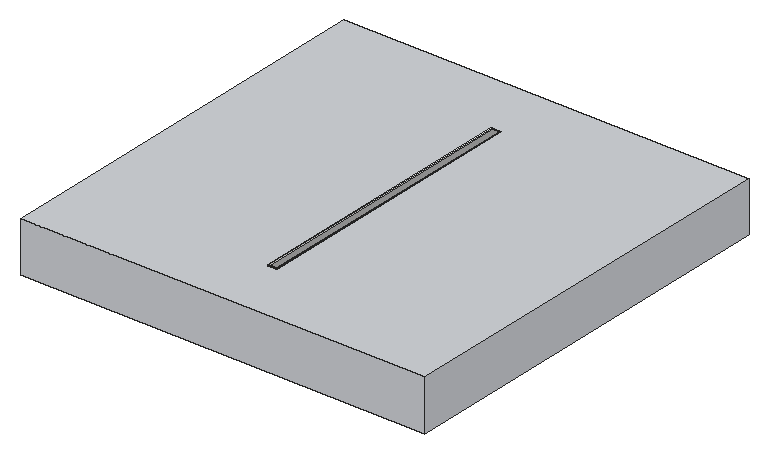
Revit family "LAMP_FIL 45 1680MM OPAL COMFORT RECESSED", category Luminarias, Revit 2018
Family settings
  Anfitrión = Cara
  Cota de conector redondo = Diámetro de uso
  Tipo de pieza = Normal
  Corte con vacíos al cargar = No
  Origen de luz = Sí
  Compartido = No
  Punto de cálculo de habitación = No
Parameters (values of type "3900LM 3000K  BLACK")
  Ángulo de inclinación = -90.00°
  Weight = 3.72 kg
  Wattage = 24.7 W
  Type = "MID POWER TRIDONIC"
  built-in parameter 1150107 = 3000 (stored number, unit not read)
  Recessed dimensions = "1686x55x76"
  built-in parameter 1150110 = 1 (stored number, unit not read)
  built-in parameter 1150109 = 1 (stored number, unit not read)
  built-in parameter 1150112 = 1 (stored number, unit not read)
  built-in parameter 1150113 = 1 (stored number, unit not read)
  built-in parameter 1114218 = 1 (stored number, unit not read)
  Protection rating = "IP20 / IK07"
  Product datasheet = "http://www.lamp.es/product-files/TECH/F41RE168MOPR830NB-EN.pdf"
  Product code = "F41RE168MOPR830NB"
  Product URL = "https://www.lamp.es/en/family/fil-45_413951"
  Power Supply = "220-240V 50/60Hz"
  Power = 23 W
  Plum = 24.7 W
  Photobiological risk = ""
  NOT COVER 2 [instance] = not(END COVER 2)  # no
  NOT COVER 1 [instance] = not(END COVER 1)  # no
  built-in parameter 1150137 = (empty or 0)
  built-in parameter 1150132 = 2
  Modelo = Product code  # "F41RE168MOPR830NB"
  Model Explanation = ""
  Material suspension = LAMP_Acero genérico
  Material perfil = LAMP_Aluminio Perfil Fil NG
  Material difusor = LAMP_PC Difusor Opal Fil
  Manufacturer name = "LAMP"
  Manufacturer country = "Spain"
  Manufacturer URL = "http://www.lamp.es/en"
  MacAdam = "3"
  Longitud de línea de emisión = 1680 mm
  Last update = "30/03/2021"
  Lamp = "MID-POWER LED"
  LED Lifetime = "70.000 L80 B10"
  built-in parameter 1150105 = 952.73 (stored number, unit not read)
  built-in parameter 1150102 = (empty or 0)
  Insulation class = "I"
  Installation instructions = "https://www.lamp.es/product-files/INS/1004580-C%20INSTR.%20FIL45.pdf"
  built-in parameter 1150106 = 9.5273 (stored number, unit not read)
  IEE = "A+"
  Gear = "Electronic"
  Lumens = 2504.58 lm
  Finish = "Matte black RAL 9011"
  Color Filter = 16777215
  built-in parameter 1114217 = 1 (stored number, unit not read)
  built-in parameter 1150139 = (empty or 0)
  Fabricante = Manufacturer name  # "LAMP"
  Default Elevation = 1219.2 mm
  built-in parameter 1150104 = 9.4204 (stored number, unit not read)
  Efficacy = 101.4 lm/W
  END COVER 2 [instance] = yes
  END COVER 1 [instance] = yes
  Dimensions = "1680x55x76"
  Descripción = "FIL45 REC 1680 3900 WW OP COMF BK."
  built-in parameter 1150115 = 1 (stored number, unit not read)
  built-in parameter 1150114 = 1 (stored number, unit not read)
  built-in parameter 1150138 = (empty or 0)
  built-in parameter 1150134 = 3
  Dimming Lamp Color Temperature Shift = (empty or 0)
  CRI = "80"
  Archivo de red fotométrica = "F41RE168MOPR830NB.IES"
  built-in parameter 1150133 = 10 (stored number, unit not read)
Types (12, lengths in mm): name | Weight | built-in parameter 1150107 | Product datasheet | Product code | Modelo | Material perfil | built-in parameter 1150105 | built-in parameter 1150106 | Lumens | Finish | built-in parameter 1150104 | Efficacy | Descripción | Archivo de red fotométrica
  3900LM 3000K DALI BLACK | 3.92 kg | 3000 (stored number, unit not read) | "http://www.lamp.es/product-files/TECH/F41RE168MOPR830DB-EN.pdf" | "F41RE168MOPR830DB" | "F41RE168MOPR830DB" | LAMP_Aluminio Perfil Fil NG | 952.73 (stored number, unit not read) | 9.5273 (stored number, unit not read) | 2504.58 lm | "Matte black RAL 9011" | 9.4204 (stored number, unit not read) | 101.4 lm/W | "FIL45 REC 1680 3900 WW OP COMF DALI BK." | "F41RE168MOPR830nB.IES"
  3900LM 3000K DALI GREY | 3.92 kg | 3000 (stored number, unit not read) | "http://www.lamp.es/product-files/TECH/F41RE168MOPR830DG-EN.pdf" | "F41RE168MOPR830DG" | "F41RE168MOPR830DG" | LAMP_Aluminio Perfil Fil GR | 952.73 (stored number, unit not read) | 9.5273 (stored number, unit not read) | 2504.58 lm | "Gloss grey" | 9.4204 (stored number, unit not read) | 101.4 lm/W | "FIL45 REC 1680 3900 WW OP COMF DALI GR." | "F41RE168MOPR830nG.IES"
  3900LM 3000K DALI WHITE | 3.92 kg | 3000 (stored number, unit not read) | "http://www.lamp.es/product-files/TECH/F41RE168MOPR830DW-EN.pdf" | "F41RE168MOPR830DW" | "F41RE168MOPR830DW" | LAMP_Aluminio Perfil Fil BL | 952.73 (stored number, unit not read) | 9.5273 (stored number, unit not read) | 2504.58 lm | "Matte white RAL 9010" | 9.4204 (stored number, unit not read) | 101.4 lm/W | "FIL45 REC 1680 3900 WW OP COMF DALI WH." | "F41RE168MOPR830nW.IES"
  3900LM 3000K  BLACK | 3.72 kg | 3000 (stored number, unit not read) | "http://www.lamp.es/product-files/TECH/F41RE168MOPR830NB-EN.pdf" | "F41RE168MOPR830NB" | "F41RE168MOPR830NB" | LAMP_Aluminio Perfil Fil NG | 952.73 (stored number, unit not read) | 9.5273 (stored number, unit not read) | 2504.58 lm | "Matte black RAL 9011" | 9.4204 (stored number, unit not read) | 101.4 lm/W | "FIL45 REC 1680 3900 WW OP COMF BK." | "F41RE168MOPR830NB.IES"
  3900LM 3000K  GREY | 3.72 kg | 3000 (stored number, unit not read) | "http://www.lamp.es/product-files/TECH/F41RE168MOPR830NG-EN.pdf" | "F41RE168MOPR830NG" | "F41RE168MOPR830NG" | LAMP_Aluminio Perfil Fil GR | 952.73 (stored number, unit not read) | 9.5273 (stored number, unit not read) | 2504.58 lm | "Gloss grey" | 9.4204 (stored number, unit not read) | 101.4 lm/W | "FIL45 REC 1680 3900 WW OP COMF GR." | "F41RE168MOPR830NG.IES"
  3900LM 3000K  WHITE | 3.72 kg | 3000 (stored number, unit not read) | "http://www.lamp.es/product-files/TECH/F41RE168MOPR830NW-EN.pdf" | "F41RE168MOPR830NW" | "F41RE168MOPR830NW" | LAMP_Aluminio Perfil Fil BL | 952.73 (stored number, unit not read) | 9.5273 (stored number, unit not read) | 2504.58 lm | "Matte white RAL 9010" | 9.4204 (stored number, unit not read) | 101.4 lm/W | "FIL45 REC 1680 3900 WW OP COMF WH." | "F41RE168MOPR830NW.IES"
  3900LM 4000K DALI BLACK | 3.92 kg | 4000 (stored number, unit not read) | "http://www.lamp.es/product-files/TECH/F41RE168MOPR840DB-EN.pdf" | "F41RE168MOPR840DB" | "F41RE168MOPR840DB" | LAMP_Aluminio Perfil Fil NG | 1000.7 (stored number, unit not read) | 10.007 (stored number, unit not read) | 2630.8 lm | "Matte black RAL 9011" | 9.8951 (stored number, unit not read) | 106.51 lm/W | "FIL45 REC 1680 3900 NW OP COMF DALI BK." | "F41RE168MOPR840nB.IES"
  3900LM 4000K DALI GREY | 3.92 kg | 4000 (stored number, unit not read) | "http://www.lamp.es/product-files/TECH/F41RE168MOPR840DG-EN.pdf" | "F41RE168MOPR840DG" | "F41RE168MOPR840DG" | LAMP_Aluminio Perfil Fil GR | 1000.7 (stored number, unit not read) | 10.007 (stored number, unit not read) | 2630.8 lm | "Gloss grey" | 9.8951 (stored number, unit not read) | 106.51 lm/W | "FIL45 REC 1680 3900 NW OP COMF DALI GR." | "F41RE168MOPR840nG.IES"
  3900LM 4000K DALI WHITE | 3.92 kg | 4000 (stored number, unit not read) | "http://www.lamp.es/product-files/TECH/F41RE168MOPR840DW-EN.pdf" | "F41RE168MOPR840DW" | "F41RE168MOPR840DW" | LAMP_Aluminio Perfil Fil BL | 1000.7 (stored number, unit not read) | 10.007 (stored number, unit not read) | 2630.8 lm | "Matte white RAL 9010" | 9.8951 (stored number, unit not read) | 106.51 lm/W | "F41RE168MOPR840DG\r\nFIL45 REC 1680 3900 NW OP COMF DALI WH." | "F41RE168MOPR840nW.IES"
  3900LM 4000K  BLACK | 3.72 kg | 4000 (stored number, unit not read) | "http://www.lamp.es/product-files/TECH/F41RE168MOPR840NB-EN.pdf" | "F41RE168MOPR840NB" | "F41RE168MOPR840NB" | LAMP_Aluminio Perfil Fil NG | 1000.7 (stored number, unit not read) | 10.007 (stored number, unit not read) | 2630.8 lm | "Matte black RAL 9011" | 9.8951 (stored number, unit not read) | 106.51 lm/W | "FIL45 REC 1680 3900 NW OP COMF BK." | "F41RE168MOPR840NB.IES"
  3900LM 4000K  GREY | 3.72 kg | 4000 (stored number, unit not read) | "http://www.lamp.es/product-files/TECH/F41RE168MOPR840NG-EN.pdf" | "F41RE168MOPR840NG" | "F41RE168MOPR840NG" | LAMP_Aluminio Perfil Fil GR | 1000.7 (stored number, unit not read) | 10.007 (stored number, unit not read) | 2630.8 lm | "Gloss grey" | 9.8951 (stored number, unit not read) | 106.51 lm/W | "FIL45 REC 1680 3900 NW OP COMF GR." | "F41RE168MOPR840NG.IES"
  3900LM 4000K  WHITE | 3.72 kg | 4000 (stored number, unit not read) | "http://www.lamp.es/product-files/TECH/F41RE168MOPR840NW-EN.pdf" | "F41RE168MOPR840NW" | "F41RE168MOPR840NW" | LAMP_Aluminio Perfil Fil BL | 1000.7 (stored number, unit not read) | 10.007 (stored number, unit not read) | 2630.8 lm | "Matte white RAL 9010" | 9.8951 (stored number, unit not read) | 106.51 lm/W | "FIL45 REC 1680 3900 NW OP COMF WH." | "F41RE168MOPR840NW.IES"
Reference planes
  plane 1 "Centro (Frontal/Posterior)": y = 0
  plane 2: z = 0
  plane 3 "Centro (Izquierda/Derecha)": x = 0
Forms (mm)
  Extrusion 1, solid
    sketch origin (0, 0, 0) x (1, 0, 0) y (0, 1, 0)
      loop
        line (-1219.2, 1219.2) -> (-1219.2, -1219.2) -> (1219.2, -1219.2) -> (1219.2, 1219.2) -> (-1219.2, 1219.2)
    from 0 to -304.8
  Extrusion 2, solid, material "LAMP_Aluminio Perfil Fil NG" <- "Material perfil"
    sketch origin (0, 0, -281.8) x (1, 0, 0) y (0, 0, 1)
      loop
        line (17.8, 259) -> (0, 259) -> (-17.8, 259) -> (-21.5, 259) -> (-21.5, 283) -> (-27.5, 283) -> (-27.5, 281.8) -> (-22.5, 281.8) -> (-22.5, 206.5) -> (22.5, 206.5) -> (22.5, 281.8) -> (27.5, 281.8) -> (27.5, 283) -> (21.5, 283) -> (21.5, 259) -> (17.8, 259)
    from -840 to 840
  Extrusion 3, solid, material "LAMP_PC Difusor Opal Fil" <- "Material difusor"
    sketch origin (0, 0, -281.8) x (1, 0, 0) y (0, 0, 1)
      loop
        line (-21.5, 283) -> (-21.5, 281.8) -> (21.5, 281.8) -> (21.5, 283) -> (-21.5, 283)
    from -840 to 840
Text (mm)
  text "Any modification of the parameters and properties of the LAMP BIM models must be executed and validated by the LAMP technical department.\nPhone: +34 93 736 68 00\nE-mail: lamp@lamp.es\n\nLAMP reserves the right to modify the technical specifications of its products." at (3112.338, 5316.624, -2868.509), in view "Preview"
Dimensions and locks
  aligned and locked: plane 2 to Extrusion 1
  aligned and locked: level to Extrusion 1
Nested families
  nested 1: "LAMP_FIL 45 END COVER RECESSED" at (0, -841, -75.3), visible <- "END COVER 1", type "Blanco"
  nested 2: "LAMP_FIL 45 END COVER RECESSED" at (0, 841, -75.3), visible <- "END COVER 2", type "Blanco"
Connectors
  electrical at (0, 0, -75.3)
    settings: on Extrusion 2, index 1, voltage 230 V, apparent load 0 VA, apparent load phase1 0 VA, apparent load phase2 0 VA, apparent load phase3 0 VA, power factor 1, load classification "Otro", number of poles 1, system type 31, power factor state 1, is connector primary yes, connector utility no, sub classification motor no, connector description ""
Definition of nested family "LAMP_FIL 45 END COVER RECESSED"
  Parameters (values of type "LAMP_FIL 45 END COVER RECESSED")
    Material tapa = none
  Reference planes
    plane 1 "Centro (Frontal/Posterior)": y = 0
    plane 2: z = 0
    plane 3 "Centro (Izquierda/Derecha)": x = 0
  Forms (mm)
    Extrusion 1, solid, material <- "Material tapa"
      sketch origin (0, 0, 76.8) x (0, -1, 0) y (0, 0, -1)
        loop
          line (1, 1.5) -> (1, 76.8) -> (-1, 76.8) -> (-1, 0.3) -> (4.5, 0.3) -> (4.5, 1.5) -> (1, 1.5)
      from -27.5 to 27.5
    Extrusion 2, void
      sketch origin (0, 0, 0) x (1, 0, 0) y (0, 0, 1)
        loop
          line (27.5, 75.3) -> (22.5, 75.3) -> (22.5, 0) -> (27.5, 0) -> (27.5, 75.3)
      from -23.5 to 23.5
    Extrusion 3, void
      sketch origin (0, 0, 0) x (1, 0, 0) y (0, 0, 1)
        loop
          line (-27.5, 75.3) -> (-27.5, 0) -> (-22.5, 0) -> (-22.5, 75.3) -> (-27.5, 75.3)
      from -23.5 to 23.5
  Cuts and joins
    Extrusion 2, Extrusion 3 cuts Extrusion 1
  Dimensions and locks
    aligned and locked: level to plane 2
